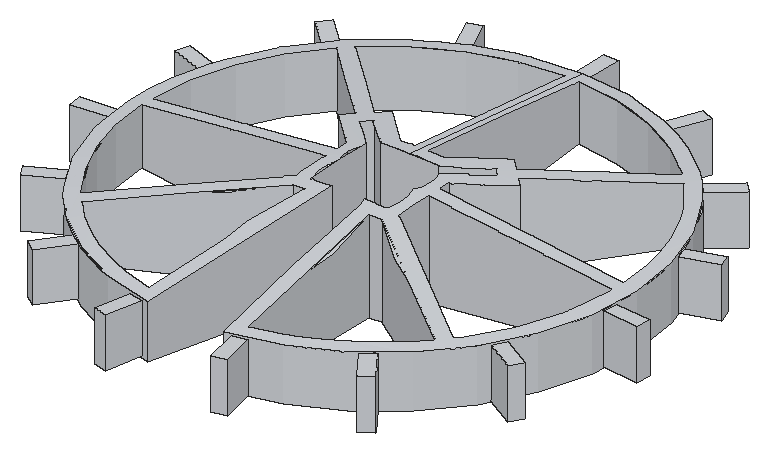
Revit family "Væg-Con Kas 35 06-08", category Generic Models, Revit 2019
Family settings
  Can host rebar = No
  Round Connector Dimension = Use Diameter
  Part Type = Normal
  Work Plane-Based = Yes
  Always vertical = No
  Cut with Voids When Loaded = No
  Shared = No
  Room Calculation Point = No
Parameters
  Website Link = "https://haucon.dk/produkt/vaeg-con-kas/#variations"
  Technical Data Sheet = "https://haucon.dk/wp-content/uploads/2016/04/1011100-VAEG-CON-KAS-TDS-DK.pdf"
  Default Elevation = 1219.2 mm
Reference planes
  plane 1 "Center (Front/Back)": y = 0
  plane 2: z = 0
  plane 3 "Center (Left/Right)": x = 0
Forms (mm)
  Extrusion 1, solid
    sketch origin (0, 0, 0) x (1, 0, 0) y (0, 1, 0)
      loop
        arc (5.315, -34.594) -> (-0.024, 35) -> (-5.267, -34.601) r 35
        line (-5.267, -34.601) -> (-2.266, -6.043) -> (-5.229, -6.043) -> (-5.229, 3.497) -> (-9.724, 7.992) -> (-8.565, 9.151) -> (-4.117, 4.703) -> (4.117, 4.703) -> (8.565, 9.151) -> (9.724, 7.992) -> (5.241, 3.509) -> (5.241, -5.995) -> (2.31, -5.995) -> (5.315, -34.594)
      loop
        arc (7.033, -32.268) -> (16.723, -28.479) -> (24.753, -21.863) r 33.026
        line (24.753, -21.863) -> (6.226, -8.043) -> (4.487, -8.043) -> (7.033, -32.268)
      loop
        line (-4.487, -8.043) -> (-6.226, -8.043) -> (-24.753, -21.863)
        arc (-24.753, -21.863) -> (-16.723, -28.479) -> (-7.033, -32.268) r 33.026
        line (-7.033, -32.268) -> (-4.487, -8.043)
      loop
        arc (-33.011, -0.978) -> (-31.069, -11.2) -> (-26.042, -20.311) r 33.026
        line (-26.042, -20.311) -> (-7.139, -6.211) -> (-7.139, -0.978) -> (-33.011, -0.978)
      loop
        line (-0.954, 6.703) -> (-0.954, 33.012)
        arc (-0.954, 33.012) -> (-12.795, 30.446) -> (-22.914, 23.783) r 33.026
        line (-22.914, 23.783) -> (-9.956, 10.825) -> (-8.542, 12.239) -> (-3.005, 6.703) -> (-0.954, 6.703)
      loop
        line (-11.371, 9.411) -> (-24.312, 22.353)
        arc (-24.312, 22.353) -> (-30.589, 12.45) -> (-33.011, 0.978) r 33.026
        line (-33.011, 0.978) -> (-7.139, 0.978) -> (-7.139, 2.604) -> (-12.658, 8.123) -> (-11.371, 9.411)
      loop
        line (7.139, -6.211) -> (26.042, -20.311)
        arc (26.042, -20.311) -> (31.069, -11.2) -> (33.011, -0.978) r 33.026
        line (33.011, -0.978) -> (7.139, -0.978) -> (7.139, -6.211)
      loop
        line (0.954, 6.703) -> (3.005, 6.703) -> (8.542, 12.239) -> (9.956, 10.825) -> (22.914, 23.783)
        arc (22.914, 23.783) -> (12.795, 30.446) -> (0.954, 33.012) r 33.026
        line (0.954, 33.012) -> (0.954, 6.703)
      loop
        line (11.371, 9.411) -> (12.658, 8.123) -> (7.139, 2.604) -> (7.139, 0.978) -> (33.011, 0.978)
        arc (33.011, 0.978) -> (30.589, 12.45) -> (24.312, 22.353) r 33.026
        line (24.312, 22.353) -> (11.371, 9.411)
    from -7.5 to 7.5
  Extrusion 2, solid
    sketch origin (0, 17.469, 0) x (1, 0, 0) y (0, 1, 0)
      loop
        arc (-1.021, 17.47) -> (-0.012, 17.5) -> (0.997, 17.47) r 17.085
        line (0.997, 17.47) -> (0.997, 22.5) -> (-1.021, 22.5) -> (-1.021, 17.47)
    from -3.5 to 3.5
  Extrusion 3, solid
    sketch origin (7.105, 15.959, 0) x (0.913545, -0.406737, 0) y (0.406737, 0.913545, 0)
      loop
        arc (-1.021, 17.47) -> (-0.012, 17.5) -> (0.997, 17.47) r 17.085
        line (0.997, 17.47) -> (0.997, 22.5) -> (-1.021, 22.5) -> (-1.021, 17.47)
    from -3.5 to 3.5
  Extrusion 4, solid
    sketch origin (-7.105, 15.959, 0) x (0.913545, 0.406737, 0) y (-0.406737, 0.913545, 0)
      loop
        arc (-1.021, 17.47) -> (-0.012, 17.5) -> (0.997, 17.47) r 17.085
        line (0.997, 17.47) -> (0.997, 22.5) -> (-1.021, 22.5) -> (-1.021, 17.47)
    from -3.5 to 3.5
  Extrusion 5, solid
    sketch origin (-12.982, 11.689, 0) x (0.669131, 0.743145, 0) y (-0.743145, 0.669131, 0)
      loop
        arc (-1.021, 17.47) -> (-0.012, 17.5) -> (0.997, 17.47) r 17.085
        line (0.997, 17.47) -> (0.997, 22.5) -> (-1.021, 22.5) -> (-1.021, 17.47)
    from -3.5 to 3.5
  Extrusion 6, solid
    sketch origin (-16.614, 5.398, 0) x (0.309017, 0.951057, 0) y (-0.951057, 0.309017, 0)
      loop
        arc (-1.021, 17.47) -> (-0.012, 17.5) -> (0.997, 17.47) r 17.085
        line (0.997, 17.47) -> (0.997, 22.5) -> (-1.021, 22.5) -> (-1.021, 17.47)
    from -3.5 to 3.5
  Extrusion 7, solid
    sketch origin (-17.374, -1.826, 0) x (-0.104528, 0.994522, 0) y (-0.994522, -0.104528, 0)
      loop
        arc (-1.021, 17.47) -> (-0.012, 17.5) -> (0.997, 17.47) r 17.085
        line (0.997, 17.47) -> (0.997, 22.5) -> (-1.021, 22.5) -> (-1.021, 17.47)
    from -3.5 to 3.5
  Extrusion 8, solid
    sketch origin (-15.129, -8.735, 0) x (-0.5, 0.866025, 0) y (-0.866025, -0.5, 0)
      loop
        arc (-1.021, 17.47) -> (-0.012, 17.5) -> (0.997, 17.47) r 17.085
        line (0.997, 17.47) -> (0.997, 22.5) -> (-1.021, 22.5) -> (-1.021, 17.47)
    from -3.5 to 3.5
  Extrusion 9, solid
    sketch origin (-10.268, -14.133, 0) x (-0.809017, 0.587785, 0) y (-0.587785, -0.809017, 0)
      loop
        arc (-1.021, 17.47) -> (-0.012, 17.5) -> (0.997, 17.47) r 17.085
        line (0.997, 17.47) -> (0.997, 22.5) -> (-1.021, 22.5) -> (-1.021, 17.47)
    from -3.5 to 3.5
  Extrusion 10, solid
    sketch origin (-3.632, -17.088, 0) x (-0.978148, 0.207912, 0) y (-0.207912, -0.978148, 0)
      loop
        arc (-1.021, 17.47) -> (-0.012, 17.5) -> (0.997, 17.47) r 17.085
        line (0.997, 17.47) -> (0.997, 22.5) -> (-1.021, 22.5) -> (-1.021, 17.47)
    from -3.5 to 3.5
  Extrusion 11, solid
    sketch origin (3.632, -17.088, 0) x (-0.978148, -0.207912, 0) y (0.207912, -0.978148, 0)
      loop
        arc (-1.021, 17.47) -> (-0.012, 17.5) -> (0.997, 17.47) r 17.085
        line (0.997, 17.47) -> (0.997, 22.5) -> (-1.021, 22.5) -> (-1.021, 17.47)
    from -3.5 to 3.5
  Extrusion 12, solid
    sketch origin (10.268, -14.133, 0) x (-0.809017, -0.587785, 0) y (0.587785, -0.809017, 0)
      loop
        arc (-1.021, 17.47) -> (-0.012, 17.5) -> (0.997, 17.47) r 17.085
        line (0.997, 17.47) -> (0.997, 22.5) -> (-1.021, 22.5) -> (-1.021, 17.47)
    from -3.5 to 3.5
  Extrusion 13, solid
    sketch origin (15.129, -8.735, 0) x (-0.5, -0.866025, 0) y (0.866025, -0.5, 0)
      loop
        arc (-1.021, 17.47) -> (-0.012, 17.5) -> (0.997, 17.47) r 17.085
        line (0.997, 17.47) -> (0.997, 22.5) -> (-1.021, 22.5) -> (-1.021, 17.47)
    from -3.5 to 3.5
  Extrusion 14, solid
    sketch origin (17.374, -1.826, 0) x (-0.104528, -0.994522, 0) y (0.994522, -0.104528, 0)
      loop
        arc (-1.021, 17.47) -> (-0.012, 17.5) -> (0.997, 17.47) r 17.085
        line (0.997, 17.47) -> (0.997, 22.5) -> (-1.021, 22.5) -> (-1.021, 17.47)
    from -3.5 to 3.5
  Extrusion 15, solid
    sketch origin (16.614, 5.398, 0) x (0.309017, -0.951057, 0) y (0.951057, 0.309017, 0)
      loop
        arc (-1.021, 17.47) -> (-0.012, 17.5) -> (0.997, 17.47) r 17.085
        line (0.997, 17.47) -> (0.997, 22.5) -> (-1.021, 22.5) -> (-1.021, 17.47)
    from -3.5 to 3.5
  Extrusion 16, solid
    sketch origin (12.982, 11.689, 0) x (0.669131, -0.743145, 0) y (0.743145, 0.669131, 0)
      loop
        arc (-1.021, 17.47) -> (-0.012, 17.5) -> (0.997, 17.47) r 17.085
        line (0.997, 17.47) -> (0.997, 22.5) -> (-1.021, 22.5) -> (-1.021, 17.47)
    from -3.5 to 3.5
  Revolve 17, void
    sketch origin (0, 0, 0) x (0, 1, 0) y (0, 0, 1)
      loop
        line (0, 7.5) -> (36.929, 3.5) -> (36.929, 8.996) -> (17.531, 8.996) -> (0, 8.996) -> (0, 7.5)
      axis (0, 3.5) -> (0, 8.996)
    angle from 0 to 360
  Revolve 18, void
    sketch origin (0, 0, 0) x (0, 1, 0) y (0, 0, -1)
      loop
        line (0, 7.5) -> (36.929, 3.5) -> (36.929, 8.996) -> (17.531, 8.996) -> (0, 8.996) -> (0, 7.5)
      axis (0, 3.5) -> (0, 8.996)
    angle from 0 to 360
Cuts and joins
  Revolve 17, Revolve 18 cuts Extrusion 1
Dimensions and locks
  aligned and locked: level to plane 2
